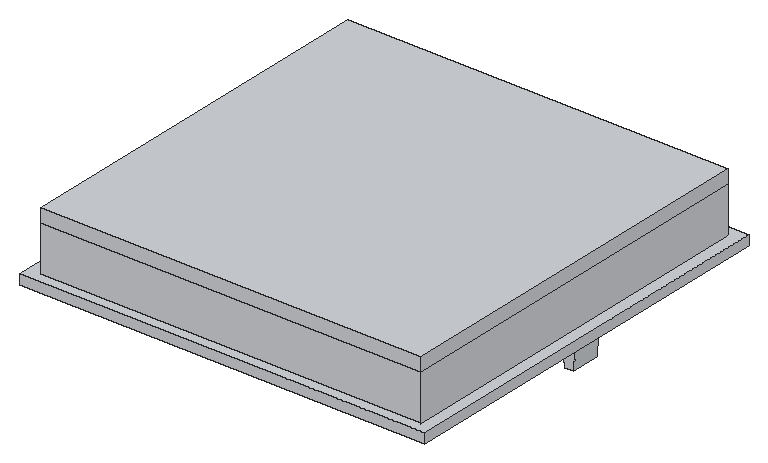
Revit family "Gira_028765", category Electrical Fixtures, host Face, Revit 2017
Family settings
  Host = Face
  Maintain Annotation Orientation = No
  Round Connector Dimension = Use Diameter
  Part Type = Normal
  Cut with Voids When Loaded = No
  Shared = No
  Room Calculation Point = No
Parameters (values of type "Rocker sym.door Gira TX_44 (WP FM) c.alum.")
  With exchangeable lens/symbol = "No"
  URL = "http://katalog.gira.de/en/datenblatt.html?artikelnr=028765"
  Suitable for touch sensor connector for bus system = "No"
  Scannable symbol / barrier free = "No"
  Name = "Rocker sym.door Gira TX_44 (WP FM) c.alum."
  Monitoring window/light outlet = "Yes"
  Model = "Single rocker"
  Manufacturer URL = "https://www.gira.de/"
  Manufacturer = "Gira"
  Keynote = ""
  HeinzeBIM = "https://bimportal.heinze.de/bim/rocker-sym-door-gira-tx-44-wp-fm-c-alum-/a820301c0debb51eb17d94fdfdf0e078156be77a"
  HAN = "028765"
  GTIN = "4010337287650"
  Description = "Rock.sym.door TX_44 CAl,Rocker with symbol,Door,colour aluminium,Notes :,- Theft-prevention implemented via optional screw-in clamp piece. This makes plugging of cover frame unnecessary."
  Default Elevation = 1219.2 mm
  Data sheet (1) = "https://katalog.gira.de/en/download.html?artikelnr=028765"
  Category = "Control element/cover plate for domestic switching devices"
  BIM (1) = "https://media.stage.bim.site/public/gira/36a6b08/TX44_Abdeckung_Schalten und Tasten.rfa?public/gira/36a6b08/TX44_Abdeckung_Schalten und Tasten.rfa"
  Available = "No"
Reference planes
  plane 1 "Center (Front/Back)": y = 0
  plane 2: z = 0
  plane 3 "Center (Left/Right)": x = 0
Forms (mm)
  Extrusion 1, solid, detail levels fine
    sketch origin (0, 0, 0) x (1, 0, 0) y (0, 1, 0)
      loop
        line (34.85, 34.85) -> (-34.85, 34.85) -> (-34.85, -34.85) -> (34.85, -34.85) -> (34.85, 34.85)
      loop
        line (-31.45, 31.8) -> (-31.45, -31.8) -> (31.45, -31.8) -> (31.45, 31.8) -> (-31.45, 31.8)
    from 0 to 1.7
  Extrusion 2, solid, detail levels fine
    sketch origin (0, 0, 0) x (1, 0, 0) y (0, 1, 0)
      loop
        line (32.8, 33.05) -> (-32.8, 33.05) -> (-32.8, -33.05) -> (32.8, -33.05) -> (32.8, 33.05)
      loop
        line (-31.45, 31.8) -> (-31.45, -31.8) -> (31.45, -31.8) -> (31.45, 31.8) -> (-31.45, 31.8)
    from 1.566 to 9.515
  Extrusion 3, solid, detail levels fine
    sketch origin (0, 0, 0) x (1, 0, 0) y (0, 1, 0)
      loop
        line (32.8, 33.05) -> (-32.8, 33.05) -> (-32.8, -33.05) -> (32.8, -33.05) -> (32.8, 33.05)
    from 9.515 to 11.816
  Extrusion 4, solid, detail levels fine
    sketch origin (0, 0, 0) x (1, 0, 0) y (0, 0, 1)
      loop
        line (-32.815, 0) -> (-34.827, 0) -> (-34.611, -3.084) -> (-33.031, -3.084) -> (-32.815, 0)
      loop
        line (32.815, 0) -> (33.031, -3.084) -> (34.611, -3.084) -> (34.827, 0) -> (32.815, 0)
    from -2.513 to 2.5
  Extrusion 5, solid, detail levels fine
    sketch origin (0, 0, 0) x (1, 0, 0) y (0, 1, 0)
      loop
        spline (-23.686, 23.152) -> (-23.856, 23.114) -> (-24.022, 23.062) -> (-24.184, 22.995) -> (-24.338, 22.915) -> (-24.486, 22.821) -> (-24.624, 22.715) -> (-24.753, 22.597) -> (-24.87, 22.468) -> (-24.977, 22.33) -> (-25.07, 22.183) -> (-25.151, 22.028) -> (-25.218, 21.867)
        line (-25.218, 21.867) -> (-29.35, 10.513) -> (-29.35, -10.487) -> (-25.218, -21.841)
        spline (-25.218, -21.841) -> (-25.151, -22.002) -> (-25.07, -22.156) -> (-24.977, -22.304) -> (-24.87, -22.442) -> (-24.753, -22.571) -> (-24.624, -22.688) -> (-24.486, -22.795) -> (-24.338, -22.888) -> (-24.184, -22.969) -> (-24.022, -23.036) -> (-23.856, -23.088) -> (-23.686, -23.126)
        line (-23.686, -23.126) -> (0, -27.302) -> (23.686, -23.126)
        spline (23.686, -23.126) -> (23.856, -23.088) -> (24.022, -23.036) -> (24.184, -22.969) -> (24.338, -22.888) -> (24.486, -22.795) -> (24.624, -22.688) -> (24.753, -22.571) -> (24.87, -22.442) -> (24.977, -22.304) -> (25.07, -22.156) -> (25.151, -22.002) -> (25.218, -21.841)
        line (25.218, -21.841) -> (29.35, -10.487) -> (29.35, 10.513) -> (25.218, 21.867)
        spline (25.218, 21.867) -> (25.151, 22.028) -> (25.07, 22.183) -> (24.977, 22.33) -> (24.87, 22.468) -> (24.753, 22.597) -> (24.624, 22.715) -> (24.486, 22.821) -> (24.338, 22.915) -> (24.184, 22.995) -> (24.022, 23.062) -> (23.856, 23.114) -> (23.686, 23.152)
        line (23.686, 23.152) -> (0, 27.328) -> (-23.686, 23.152)
      loop
        line (-24.278, 21.525) -> (-28.35, 10.337) -> (-28.35, -10.311) -> (-24.278, -21.498)
        spline (-24.278, -21.498) -> (-24.245, -21.579) -> (-24.204, -21.656) -> (-24.157, -21.73) -> (-24.104, -21.799) -> (-24.045, -21.863) -> (-23.981, -21.922) -> (-23.912, -21.976) -> (-23.838, -22.022) -> (-23.761, -22.063) -> (-23.68, -22.096) -> (-23.597, -22.122) -> (-23.512, -22.141)
        line (-23.512, -22.141) -> (0, -26.287) -> (23.512, -22.141)
        spline (23.512, -22.141) -> (23.597, -22.122) -> (23.68, -22.096) -> (23.761, -22.063) -> (23.838, -22.022) -> (23.912, -21.976) -> (23.981, -21.922) -> (24.045, -21.863) -> (24.104, -21.799) -> (24.157, -21.73) -> (24.204, -21.656) -> (24.245, -21.579) -> (24.278, -21.498)
        line (24.278, -21.498) -> (28.35, -10.311) -> (28.35, 10.337) -> (24.278, 21.525)
        spline (24.278, 21.525) -> (24.245, 21.605) -> (24.204, 21.683) -> (24.157, 21.756) -> (24.104, 21.825) -> (24.045, 21.89) -> (23.981, 21.949) -> (23.912, 22.002) -> (23.838, 22.048) -> (23.761, 22.089) -> (23.68, 22.122) -> (23.597, 22.148) -> (23.512, 22.167)
        line (23.512, 22.167) -> (0, 26.313) -> (-23.512, 22.167)
        spline (-23.512, 22.167) -> (-23.597, 22.148) -> (-23.68, 22.122) -> (-23.761, 22.089) -> (-23.838, 22.048) -> (-23.912, 22.002) -> (-23.981, 21.949) -> (-24.045, 21.89) -> (-24.104, 21.825) -> (-24.157, 21.756) -> (-24.204, 21.683) -> (-24.245, 21.605) -> (-24.278, 21.525)
    from 4.866 to 9.515
  Extrusion 6, solid, detail levels fine
    sketch origin (0, 0, 0) x (1, 0, 0) y (0, 1, 0)
      loop
        arc (0, 8.51) -> (-1.055, 8.223) -> (-1.717, 7.352) r 1.7
        line (-1.717, 7.352) -> (-2.205, 5.894) -> (-2.205, 4.213) -> (-4.36, 4.213)
        arc (-4.36, 4.213) -> (-4.865, 4.091) -> (-5.257, 3.75) r 1.1
        arc (-5.257, 3.75) -> (-6.02, 2.328) -> (-6.406, 0.761) r 6.45
        arc (-6.406, 0.761) -> (-6.7, 0.013) -> (-6.406, -0.735) r 1.1
        arc (-6.406, -0.735) -> (-6.02, -2.302) -> (-5.257, -3.724) r 6.45
        arc (-5.257, -3.724) -> (-4.865, -4.064) -> (-4.36, -4.187) r 1.1
        line (-4.36, -4.187) -> (-2.1, -4.187) -> (-2.1, -5.243)
        arc (-2.1, -5.243) -> (-1.847, -5.944) -> (-1.206, -6.323) r 1.1
        arc (-1.206, -6.323) -> (0, -6.437) -> (1.206, -6.323) r 6.45
        arc (1.206, -6.323) -> (1.847, -5.944) -> (2.1, -5.243) r 1.1
        line (2.1, -5.243) -> (2.1, -4.187) -> (4.36, -4.187)
        arc (4.36, -4.187) -> (4.865, -4.064) -> (5.257, -3.724) r 1.1
        arc (5.257, -3.724) -> (6.02, -2.302) -> (6.406, -0.735) r 6.45
        arc (6.406, -0.735) -> (6.7, 0.013) -> (6.406, 0.761) r 1.1
        arc (6.406, 0.761) -> (6.02, 2.328) -> (5.257, 3.75) r 6.45
        arc (5.257, 3.75) -> (4.865, 4.091) -> (4.36, 4.213) r 1.1
        line (4.36, 4.213) -> (2.205, 4.213) -> (2.205, 5.894) -> (1.717, 7.352)
        arc (1.717, 7.352) -> (1.055, 8.223) -> (0, 8.51) r 1.7
    from -6.834 to 9.515
  Extrusion 7, solid, detail levels coarse
    sketch origin (0, 0, 0) x (1, 0, 0) y (0, 1, 0)
      loop
        line (34.85, 34.85) -> (-34.85, 34.85) -> (-34.85, -34.85) -> (34.85, -34.85) -> (34.85, 34.85)
    from -6.834 to 11.816
  Extrusion 8, solid, detail levels medium
    sketch origin (0, 0, 0) x (1, 0, 0) y (0, 1, 0)
      loop
        line (32.8, 33.05) -> (-32.8, 33.05) -> (-32.8, -33.05) -> (32.8, -33.05) -> (32.8, 33.05)
    from 1.566 to 11.816
  Extrusion 9, solid, detail levels medium
    sketch origin (0, 0, 0) x (1, 0, 0) y (0, 1, 0)
      loop
        line (34.85, 34.85) -> (-34.85, 34.85) -> (-34.85, -34.85) -> (34.85, -34.85) -> (34.85, 34.85)
    from 0 to 1.7
  Extrusion 10, solid, detail levels medium
    sketch origin (0, 0, 0) x (1, 0, 0) y (0, 1, 0)
      loop
        circle (0, 1.036) r 7.473
    from -6.834 to 9.515
  Extrusion 11, solid, detail levels medium
    sketch origin (0, 0, 0) x (1, 0, 0) y (0, 0, 1)
      loop
        line (-32.815, -3.084) -> (-32.815, 0) -> (-34.827, 0) -> (-34.827, -3.084) -> (-32.815, -3.084)
      loop
        line (32.815, -3.084) -> (34.827, -3.084) -> (34.827, 0) -> (32.815, 0) -> (32.815, -3.084)
    from -2.513 to 2.5
Dimensions and locks
  aligned and locked: plane 2 to host face
  aligned and locked: level to host face
